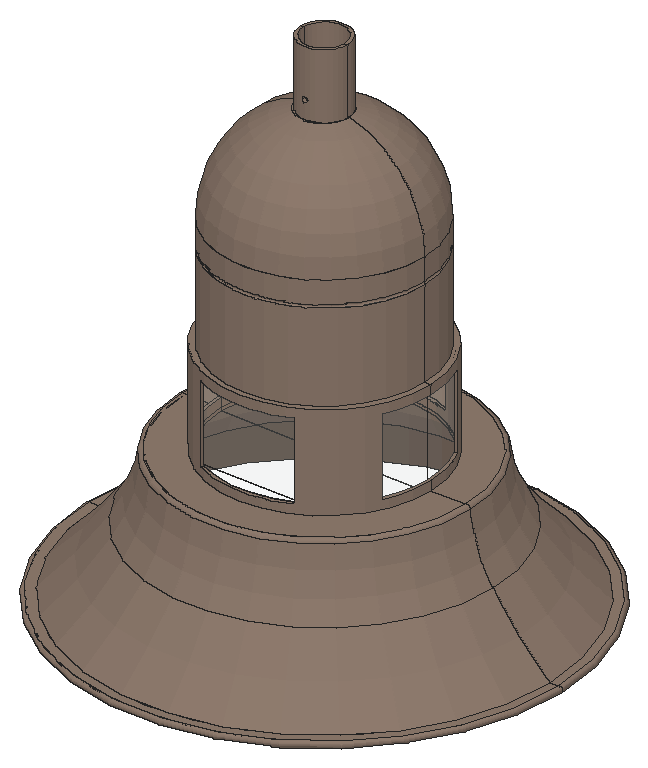
Revit family "BVF2004", category Generic Models, Revit 2014
Parameters
  GLASS = Glass
  BELL = Bronze, Architectural
Reference planes (in)
  plane 1 "Center (Front/Back)": y = 0
  plane 2: z = 0
  plane 3 "Center (Left/Right)": x = 0
Forms (in)
  Revolve 1, solid, material "Bronze, Architectural" <- "BELL"
    sketch origin (0, 0, -1.50987) x (1, 0, 0) y (0, 0, 1)
      loop
        arc (-1.0625, 20.11504) -> (-3.35992, 18.60258) -> (-4.25, 16) r 4.25
        line (-4.25, 16) -> (-4.25, 15.0625)
        arc (-4.25, 15.0625) -> (-4.21143, 15) -> (-4.25, 14.9375) r 0.06992
        line (-4.25, 14.9375) -> (-4.25, 11.25) -> (-4.5, 11.25) -> (-4.5, 7.25) -> (-4.375, 7.25) -> (-4.375, 11.125) -> (-4.125, 11.125) -> (-4.125, 14.8836)
        arc (-4.125, 14.8836) -> (-4.08643, 15) -> (-4.125, 15.1164) r 0.19492
        line (-4.125, 15.1164) -> (-4.125, 16)
        arc (-4.125, 16) -> (-3.26592, 18.5198) -> (-1.0465, 19.99004) r 4.125
        line (-1.0465, 19.99004) -> (-0.5625, 19.99004) -> (-0.5625, 20.11504) -> (-1.0625, 20.11504)
      axis (0, 20.11504) -> (0, 7.25)
    angle from 0 to 360
  Revolve 2, solid, material "Bronze, Architectural" <- "BELL"
    sketch origin (0, 0, -1.50987) x (1, 0, 0) y (0, 0, 1)
      loop
        line (-4.375, 7.25) -> (-5.96994, 7.25)
        arc (-5.96994, 7.25) -> (-6.08883, 7.20749) -> (-6.15381, 7.09925) r 0.1875
        arc (-6.15381, 7.09925) -> (-6.46916, 5.72775) -> (-7.11563, 4.47774) r 5.61526
        arc (-7.11563, 4.47774) -> (-8.22809, 3.04886) -> (-9.5, 1.75987) r 15.45956
        line (-9.5, 1.75987) -> (-9.9012, 1.75987)
        arc (-9.9012, 1.75987) -> (-10.0262, 1.63487) -> (-9.9012, 1.50987) r 0.125
        line (-9.9012, 1.50987) -> (-9.59338, 1.50987)
        arc (-9.59338, 1.50987) -> (-8.21252, 2.87774) -> (-7.01267, 4.40686) r 15.58456
        arc (-7.01267, 4.40686) -> (-6.35314, 5.68107) -> (-6.03021, 7.07904) r 5.74026
        arc (-6.03021, 7.07904) -> (-6.00784, 7.1122) -> (-5.96994, 7.125) r 0.0625
        line (-5.96994, 7.125) -> (-4.375, 7.125) -> (-4.375, 7.25)
      axis (0, 7.25) -> (0, 1.50987)
    angle from 0 to 360
  Extrusion 3, void
    sketch origin (0, 0, -1.50987) x (1, 0, 0) y (0, 0, 1)
      loop
        line (2, 10.875) -> (-2, 10.875) -> (-2, 7.625) -> (2, 7.625) -> (2, 10.875)
    from 3.83706 to 4.57698
  Extrusion 4, void
    sketch origin (0, 0, -1.50987) x (-1, 0, 0) y (0, 0, 1)
      loop
        line (2, 10.875) -> (-2, 10.875) -> (-2, 7.625) -> (2, 7.625) -> (2, 10.875)
    from 3.83706 to 4.57698
  Extrusion 5, void
    sketch origin (0, 0, -1.50987) x (0, 1, 0) y (0, 0, 1)
      loop
        line (2, 10.875) -> (-2, 10.875) -> (-2, 7.625) -> (2, 7.625) -> (2, 10.875)
    from 3.83706 to 4.57698
  Extrusion 6, void
    sketch origin (0, 0, -1.50987) x (0, -1, 0) y (0, 0, 1)
      loop
        line (2, 10.875) -> (-2, 10.875) -> (-2, 7.625) -> (2, 7.625) -> (2, 10.875)
    from 3.83706 to 4.57698
  Revolve 7, solid, material "Glass" <- "GLASS"
    sketch origin (0, 0, -1.50987) x (1, 0, 0) y (0, 0, 1)
      loop
        line (4.375, 7.125) -> (4.375, 11.125) -> (0, 11.125) -> (0, 7.125) -> (4.375, 7.125)
      axis (0, 11.125) -> (0, 7.125)
    angle from 0 to 360
  Revolve 8, solid, material "Bronze, Architectural" <- "BELL"
    sketch origin (0, 0, -1.50987) x (1, 0, 0) y (0, 0, 1)
      loop
        line (-1, 22.86504) -> (-1, 20.11504) -> (-0.875, 20.11504) -> (-0.875, 22.86504) -> (-1, 22.86504)
      axis (0, 22.86504) -> (0, 20.11504)
    angle from 0 to 360
  Extrusion 9, void
    sketch origin (0, 0, -1.50987) x (1, 0, 0) y (0, 0, 1)
      loop
        circle (0, 20.86504) r 0.12446
    from -1.03442 to 1.04356
Cuts and joins
  Extrusion 3, Extrusion 4, Extrusion 5, Extrusion 6 cuts Revolve 1
  Extrusion 3 cuts Revolve 7
  Extrusion 9 cuts Revolve 8
Dimensions and locks (in)
  aligned and locked: plane 2 to level
